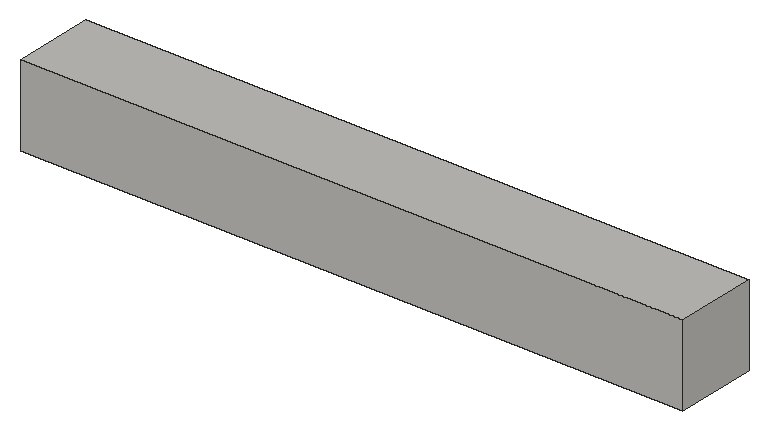
Revit family "Curb_Solid_NobleCompany", category Specialty Equipment, host Face, Revit 2015
Parameters (values of type "1 Sided")
  Width [instance] = 32 1/2"
  URL = "www.noblecompany.com"
  Type Comments = ""
  Radius = 15 1/2"
  Product Properties = "http://www.noblecompany.com/Portals/0/PRODUCT%20INFO/Product%20Descriptions/FreeStyle%20Linear%20Drain%20Product%20Decription%200410.pdf"
  Product Data = "http://www.noblecompany.com/Products/ShowerProducts/tabid/59/Default.aspx"
  Model = "Preformed Curb"
  Manufacturer Phone - Toll Free = "800-878-5788"
  Manufacturer Phone = "231-799-8000"
  Manufacturer Fax = "231-799-8850"
  Manufacturer Email = "mailto:sales@noblecompany.com"
  Manufacturer Address = "7300 Enterprise Drive, Spring Lake, MI  49456 USA"
  Manufacturer = "Noble Company"
  Floor Offset_Outside [instance] = 1"
  Floor Offset_Inside [instance] = 1/2"
  Det2 = no
  Depth [instance] = 32 1/2"
  Installation-Fabrication = "http://www.noblecompany.com/Portals/0/PRODUCT%20INFO/Product%20Descriptions/FreeStyle%20Linear%20Drain%20Product%20Decription%200410.pdf"
  Height = 20"
  Description = "Noble Preformed Curb"
  Building Codes = "http://www.noblecompany.com/Portals/0/TECHNICAL%20INFO/Listing_Testing_Certification_Reports/PMG-1065%20Noble%20Company%20Linear%20Drain%20final%202.pdf"
  Base = Polymer coated Expanded Polystyrene
  Assembly Code = "D2030300"
  Default Elevation = 0"
  3 Sides = no
  2 Sides = no
  1 Side = yes
Types (3): name | Type Comments | Model | Floor Offset_Outside | Floor Offset_Inside | Det2 | Description | 3 Sides | 2 Sides | 1 Side
  1 Sided | "" | "Preformed Curb" | 1" | 1/2" | no | "Noble Preformed Curb" | no | no | yes
  2 Sided | "" | "Preformed Overlay Curb" | 1/4" | 1/4" | yes | "Noble Preformed Overlay Curb" | no | yes | no
  3 Sided | "Modify Sweep for Neo Angles and Custom Applications" | "Preformed Overlay Curb" | 1/2" | 1/4" | yes | "Noble Preformed Overlay Curb" | yes | no | no
Reference planes (in)
  plane 1 "Center (Front/Back)": y = 0
  plane 2: z = 0
  plane 3 "Center (Left/Right)": x = 0
  plane 4: x = 32.5
  plane 5: y = 32.5
  plane 6: z = 20
Forms (in)
  Sweep 1, solid, material "Polymer coated Expanded Polystyrene" <- "Base", visible <- "1 Side"
    path origin (0, 0, 0) x (1, 0, 0) y (0, 1, 0)
      loop
        line (0, 0) -> (32.5, 0)
    profile "Profle_Curb_Solid : Profle_Curb_Solid" origin (16.25, 0, 0) x (0, 1, 0) y (0, 0, 1)
      loop
        line (0, 0) -> (0, 4) -> (-4, 4) -> (-4, 0) -> (0, 0)
  Sweep 2, solid, material "Polymer coated Expanded Polystyrene" <- "Base", visible <- "2 Sides"
    path origin (0, 0, 0) x (1, 0, 0) y (0, 1, 0)
      loop
        line (0, 0) -> (32.5, 0) -> (32.5, 32.5)
    profile "Profle_Curb_Solid : Profle_Curb_Solid" origin (16.25, 0, 0) x (0, 1, 0) y (0, 0, 1)
      loop
        line (0, 0) -> (0, 4) -> (-4, 4) -> (-4, 0) -> (0, 0)
  Sweep 3, solid, material "Polymer coated Expanded Polystyrene" <- "Base", visible <- "3 Sides"
    path origin (0, 0, 0) x (1, 0, 0) y (0, 1, 0)
      loop
        line (0, 0) -> (32.5, 0) -> (32.5, 32.5) -> (0, 32.5)
    profile "Profle_Curb_Solid : Profle_Curb_Solid" origin (16.25, 0, 0) x (0, 1, 0) y (0, 0, 1)
      loop
        line (0, 0) -> (0, 4) -> (-4, 4) -> (-4, 0) -> (0, 0)
Dimensions and locks (in)
  "Height": plane 6 to level
  "Width": plane 3 "Center (Left/Right)" to plane 4
  "Depth": plane 5 to plane 1 "Center (Front/Back)"
  aligned and locked: plane 2 to host face
  aligned and locked: level to host face
  aligned and locked: plane 1 "Center (Front/Back)" to Sweep 1 sketch curve
  aligned and locked: plane 3 "Center (Left/Right)" to Sweep 1 sketch curve
  aligned and locked: plane 4 to Sweep 1 sketch curve
  aligned and locked: plane 3 "Center (Left/Right)" to Sweep 2 sketch curve
  aligned and locked: plane 5 to Sweep 2 sketch curve
  aligned and locked: plane 4 to Sweep 2 sketch curve
  aligned and locked: plane 1 "Center (Front/Back)" to Sweep 2 sketch curve
  aligned and locked: plane 3 "Center (Left/Right)" to Sweep 3 sketch curve  (x2)
  aligned and locked: plane 1 "Center (Front/Back)" to Sweep 3 sketch curve
  aligned and locked: plane 4 to Sweep 3 sketch curve
  aligned and locked: plane 5 to Sweep 3 sketch curve
  aligned and locked: nested 1 to level
  aligned and locked: plane 4 to nested 1
  aligned and locked: plane 5 to nested 2
  aligned and locked: nested 2 to level
  aligned and locked: nested 3 to plane 1 "Center (Front/Back)"
  aligned and locked: level to nested 3
Automatic sketch dimensions
  host sketch curve to host sketch curve = 56 1/2"
  host sketch curve to host sketch curve = 49.54642"
Nested families (in)
  nested 1: "Detail_Curb_Solid" at (32.5, 0, 0) x (1, 0, 0) z (0, -1, 0), visible <- "Det2", type "Detail_Curb_Solid"
  nested 2: "Detail_Curb_Solid" at (0, 32.5, 0) x (0, 1, 0) z (1, 0, 0), visible <- "3 Sides", type "Detail_Curb_Solid"
  nested 3: "Detail_Curb_Solid" at (0, 0, 0) x (0, -1, 0) z (1, 0, 0), type "Detail_Curb_Solid"
Definition of nested family "Detail_Curb_Solid"
  Parameters
    Floor Offset_Shower Side = 1"
    Floor Offset_Outside = 1/2"
  Reference planes (in)
    plane 1 "Center (Front/Back)": y = 0
    plane 2: z = 0
    plane 3 "Center (Left/Right)": x = 0
    plane 4: y = 4
    plane 5: x = 4
  Lines and regions (in)
    Filled region 1, type "Concrete", in view "Ref. Level"
      outline origin (0.125, 0.375, 0) x (1, 0, 0) y (0, 1, 0)
        loop
          line (-0.125, 3.625) -> (-0.125, -0.375) -> (3.875, -0.375) -> (3.875, 3.625) -> (-0.125, 3.625)
    Filled region 2, type "Solid", in view "Ref. Level"
      outline origin (0, 0, 0) x (1, 0, 0) y (0, 1, 0)
        loop
          line (0, 0) -> (0, 4) -> (4, 4) -> (4, 0) -> (6, 0) -> (6, 0.0625) -> (4.0625, 0.0625) -> (4.0625, 4.0625) -> (-0.0625, 4.0625) -> (-0.0625, 0.0625) -> (-1.99439, 0.0625) -> (-1.99439, 0) -> (0, 0)
    detail lines, in view "Ref. Level"
      curve 1: arc (4.0625, 3.875, 0) -> (4.1875, 3.75, 0) -> (4.0625, 3.625, 0) r 0.125
      curve 2: arc (4.0625, 3.375, 0) -> (4.1875, 3.25, 0) -> (4.0625, 3.125, 0) r 0.125
      curve 3: arc (4.0625, 2.875, 0) -> (4.1875, 2.75, 0) -> (4.0625, 2.625, 0) r 0.125
      curve 4: arc (4.0625, 2.375, 0) -> (4.1875, 2.25, 0) -> (4.0625, 2.125, 0) r 0.125
      curve 5: arc (4.0625, 1.875, 0) -> (4.1875, 1.75, 0) -> (4.0625, 1.625, 0) r 0.125
      curve 6: arc (4.0625, 1.50349, 0) -> (4.1875, 1.37849, 0) -> (4.0625, 1.25349, 0) r 0.125
      curve 7: arc (4.0625, 1.00349, 0) -> (4.1875, 0.87849, 0) -> (4.0625, 0.75349, 0) r 0.125
      curve 8: arc (4.0625, 0.625, 0) -> (4.1875, 0.5, 0) -> (4.0625, 0.375, 0) r 0.125
      curve 9: arc (0.875, 4.0625, 0) -> (0.75, 4.1875, 0) -> (0.625, 4.0625, 0) r 0.125
      curve 10: arc (1.375, 4.0625, 0) -> (1.25, 4.1875, 0) -> (1.125, 4.0625, 0) r 0.125
      curve 11: arc (1.875, 4.0625, 0) -> (1.75, 4.1875, 0) -> (1.625, 4.0625, 0) r 0.125
      curve 12: arc (2.375, 4.0625, 0) -> (2.25, 4.1875, 0) -> (2.125, 4.0625, 0) r 0.125
      curve 13: arc (2.875, 4.0625, 0) -> (2.75, 4.1875, 0) -> (2.625, 4.0625, 0) r 0.125
      curve 14: arc (3.375, 4.0625, 0) -> (3.25, 4.1875, 0) -> (3.125, 4.0625, 0) r 0.125
      curve 15: arc (3.875, 4.0625, 0) -> (3.75, 4.1875, 0) -> (3.625, 4.0625, 0) r 0.125
      curve 16: arc (-0.0625, 3.875, 0) -> (-0.1875, 3.75, 0) -> (-0.0625, 3.625, 0) r 0.125
      curve 17: arc (-0.0625, 3.375, 0) -> (-0.1875, 3.25, 0) -> (-0.0625, 3.125, 0) r 0.125
      curve 18: arc (-0.0625, 2.875, 0) -> (-0.1875, 2.75, 0) -> (-0.0625, 2.625, 0) r 0.125
      curve 19: arc (-0.0625, 2.375, 0) -> (-0.1875, 2.25, 0) -> (-0.0625, 2.125, 0) r 0.125
      curve 20: arc (-0.0625, 1.875, 0) -> (-0.1875, 1.75, 0) -> (-0.0625, 1.625, 0) r 0.125
      curve 21: arc (-0.0625, 1.50349, 0) -> (-0.1875, 1.37849, 0) -> (-0.0625, 1.25349, 0) r 0.125
      curve 22: arc (-0.0625, 1.00349, 0) -> (-0.1875, 0.87849, 0) -> (-0.0625, 0.75349, 0) r 0.125
      curve 23: arc (-0.0625, 0.625, 0) -> (-0.1875, 0.5, 0) -> (-0.0625, 0.375, 0) r 0.125
      curve 24: arc (0.375, 4.0625, 0) -> (0.25, 4.1875, 0) -> (0.125, 4.0625, 0) r 0.125
      curve 25: line (-0.1875, 0.12638, 0) -> (-0.1875, 4.1875, 0)
      curve 26: line (4.375, 4.1875, 0) -> (-0.375, 4.1875, 0)
      curve 27: line (4.1875, 0.12638, 0) -> (4.1875, 4.1875, 0)
      curve 28: line (-0.375, 0.12638, 0) -> (-0.375, 4.125, 0)
      curve 29: line (4.25, 4.375, 0) -> (2.03197, 4.375, 0)
      curve 30: line (4.375, 0.12638, 0) -> (4.375, 4.125, 0)
      curve 31: arc (-0.375, 4.24856, 0) -> (-0.33797, 4.33797, 0) -> (-0.24856, 4.375, 0) r 0.12644
      curve 32: arc (4.375, 4.25, 0) -> (4.33839, 4.33839, 0) -> (4.25, 4.375, 0) r 0.125
      curve 33: line (1.96947, 4.375, 0) -> (1.96947, 4.1875, 0)
      curve 34: line (2.03197, 4.375, 0) -> (2.03197, 4.1875, 0)
      curve 35: arc (2.03197, 4.375, 0) -> (2.00072, 4.3636, 0) -> (1.96947, 4.375, 0) r 0.04852
      curve 36: line (1.96947, 4.375, 0) -> (-0.24856, 4.375, 0)
      curve 37: line (-0.375, 4.24856, 0) -> (-0.375, 4.1875, 0)
      curve 38: line (-0.375, 4.125, 0) -> (-0.1875, 4.125, 0)
      curve 39: arc (-0.375, 4.1875, 0) -> (-0.36616, 4.15625, 0) -> (-0.375, 4.125, 0) r 0.05964
      curve 40: line (-0.375, 0.12638, 0) -> (-0.1875, 0.12638, 0)
      curve 41: line (4.375, 0.12638, 0) -> (4.1875, 0.12638, 0)
      curve 42: line (4.375, 4.25, 0) -> (4.375, 4.1875, 0)
      curve 43: line (4.375, 4.125, 0) -> (4.1875, 4.125, 0)
      curve 44: arc (4.375, 4.1875, 0) -> (4.36616, 4.15625, 0) -> (4.375, 4.125, 0) r 0.05964
      curve 45: arc (-0.375, 0.12638, 0) -> (-0.36616, 0.09513, 0) -> (-0.375, 0.06388, 0) r 0.05964
      curve 46: arc (4.375, 0.12638, 0) -> (4.36616, 0.09513, 0) -> (4.375, 0.06388, 0) r 0.05964
  Dimensions and locks (in)
    plane 1 "Center (Front/Back)" to plane 4 = 4"
    plane 3 "Center (Left/Right)" to plane 5 = 4"
    locked: plane 1 "Center (Front/Back)" to Filled region 2 sketch curve at 0.0625  (x2)
    locked: plane 5 to Filled region 2 sketch curve at 0.0625
    locked: Filled region 2 sketch curve to plane 4 at 0.0625
    locked: Filled region 2 sketch curve to plane 3 "Center (Left/Right)" at 0.0625
    locked: Filled region 2 sketch curve to plane 3 "Center (Left/Right)" at 1.99439
    locked: plane 5 to Filled region 2 sketch curve at 2
    aligned and locked: Filled region 1 sketch curve to plane 5
    aligned and locked: Filled region 1 sketch curve to plane 4
    aligned and locked: Filled region 2 sketch curve to plane 4
    aligned and locked: Filled region 2 sketch curve to plane 5
    aligned and locked: plane 3 "Center (Left/Right)" to Filled region 2 sketch curve
    aligned and locked: plane 1 "Center (Front/Back)" to Filled region 2 sketch curve  (x2)
    aligned and locked: Filled region 1 sketch curve to plane 1 "Center (Front/Back)"
